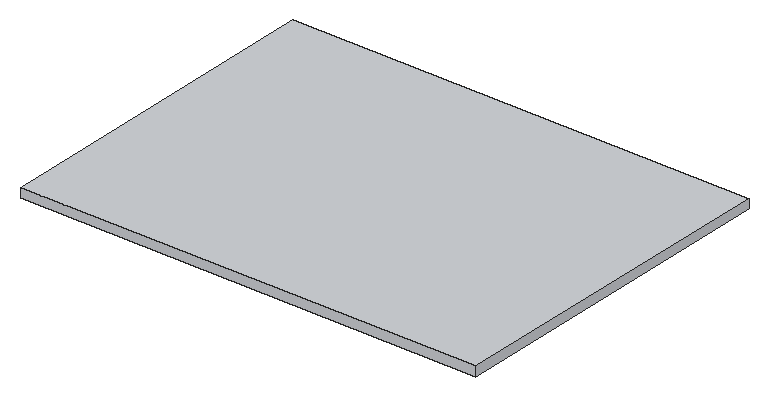
Revit family "2c333740fda145d98bd312d9c27dfe44", category Generic Models, host Wall, Revit 2021
Family settings
  Host = Wall
  Can host rebar = No
  Round Connector Dimension = Use Diameter
  Part Type = Normal
  Seek Item ID = Light Shelf Interior-0000-USA-ENU
  Always vertical = Yes
  Cut with Voids When Loaded = No
  Shared = No
  Room Calculation Point = No
Parameters (values of type "4wide'x3'deep")
  Shelf Width = 4' - 0"
  Shelf Thickness = 0' - 1"
  Depth of Shelf = 3' - 0"
  Default Elevation = 0' - 0"
  Bottom of Shelf = 6' - 0"
Types (3): name | Shelf Width | Depth of Shelf | Bottom of Shelf
  (no name) | 4' - 0" | 3' - 0" | 6' - 0"
  6'wideX2'deep | 6' - 0" | 2' - 0" | 7' - 0"
  4wide'x3'deep | 4' - 0" | 3' - 0" | 6' - 0"
Reference planes (in)
  plane 1: y = 0
  plane 2 "Center (Left/Right)": x = 0
  plane 3 "Wall Edge": y = 3
  plane 4: x = -24
  plane 5: x = 24
  plane 6: y = 39
  plane 7: z = 72
Forms (in)
  Extrusion 1, solid
    sketch origin (79.73982, 9, 72) x (1, 0, 0) y (0, 1, 0)
      loop
        line (-103.73982, -6) -> (-55.73982, -6) -> (-55.73982, 30) -> (-103.73982, 30) -> (-103.73982, -6)
    from 0 to 1
Text (in)
  text "Placement Side" at (0, 40.15149, 123.01588), in view "Right"
  text "Placement Side" at (-70.3804, 64.46503, 0), in view "Ref. Level"
  text "Placement Side" at (0, 81.62555, 140.59947), in view "Left"
Dimensions and locks (in)
  locked: plane 3 "Wall Edge" to host wall
  locked: plane 3 "Wall Edge" to plane 1 at 3
  "Depth of Shelf": plane 6 to plane 3 "Wall Edge"
  "Bottom of Shelf": level to plane 7
  "Shelf Width": plane 5 to plane 4
  equal spacing: plane 5, plane 2 "Center (Left/Right)", plane 4
  "Shelf Thickness": Extrusion 1 to plane 7
Automatic sketch dimensions
  Extrusion 1 sketch curve to plane 4 = 0' - 0"
  Extrusion 1 sketch curve to plane 5 = 0' - 0"
  Extrusion 1 sketch curve to host wall = 0' - 0"
  Extrusion 1 sketch curve to plane 6 = 0' - 0"
